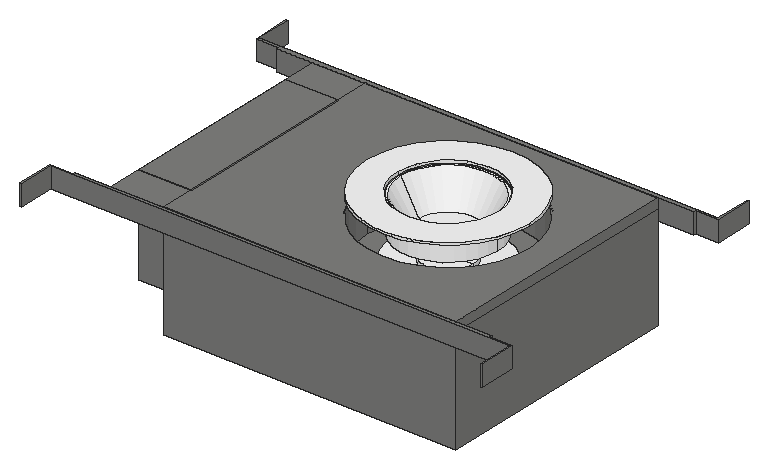
Revit family "Lighting_Fixture-Lutron-Recessed-Finire-Prime-Round", category Lighting Fixtures, host Face, Revit 2017
Family settings
  Host = Face
  Round Connector Dimension = Use Diameter
  Part Type = Normal
  OmniClass Number = 23.80.70.11.14
  OmniClass Title = General Luminaries, Directional
  Cut with Voids When Loaded = No
  Light Source = Yes
  Shared = No
  Room Calculation Point = No
Parameters (values of type "3000K_65 Degree")
  c Rotation Depth [instance] = if(Desired Tilt Angle = 25.00°, 3.50", 3.00")  # 3.00"
  Width [instance] = if(Insulated Housing, 9.50", 7.70")  # 7.70"
  Weight Net (Kg) = "2"
  Wattage Comments = "14"
  Wattage = 6.7321 W
  Warranty URL = "http://www.lutron.com/en-US/Service-Support/Pages/Service/Warranty/Warranty.aspx"
  built-in parameter 1150110 = 1 (stored number, unit not read)
  Voltage = 120 V  # constant formula
  Video Link = "https://www.youtube.com/user/LutronElectronicsInc"
  Version = "2017 - v1.0b"  # constant formula
  Uniformat II Description = ""
  Uniformat II Code = ""
  Uniclass 2015 Name = ""
  Uniclass 2015 Code = ""
  Uniclass 2.0 Description = "Luminaires And Lamps"
  Uniclass 2.0 Code = "PR-49"
  Uniclass 1.4 Description = "Electric power and lighting services products"
  Uniclass 1.4 Code = "L74"
  URL = "http://www.lutron.com/en-US/Pages/default.aspx"
  UNSPSC Code = "3911"
  Type Comments = ""
  built-in parameter 1114217 = 1 (stored number, unit not read)
  Tilt Angle = 0.00°  # constant formula
  built-in parameter 1150109 = 1 (stored number, unit not read)
  built-in parameter 1150134 = (empty or 0)
  built-in parameter 1150113 = 1 (stored number, unit not read)
  Support Phone = "(224) 699-9545"  # constant formula
  Support Email = "mailto: support@anguleris.com"
  Shape [instance] = "R - Round"  # constant formula
  Series = "Finiré Prime, Adjustable, Trimmed"  # constant formula
  Region South America = "None"
  Region Oceania = "None"
  Region North America = "CA, US"
  Region Middle East = "None"
  Region Europe = "None"
  Region Asia = "None"
  Region Antarctica = "None"
  Region Africa = "None"
  Product group = "Ivalo Collection"
  Product family = "General Luminaries, Directional"
  Product SKU = "lutron-finire-prime"
  Product Page URL = "http://www.lutron.com/en-US/Products/Pages/LightingFixtures/LutronFixtures/FinirePrime/Overview.aspx"
  Product Name = "Finiré Prime Round"
  Product Documentation Link = "http://www.lutron.com/TechnicalDocumentLibrary/367-2708_Finire_Prime_Spec.pdf"
  Power Factor = 1  # constant formula
  Photometric Web File = "Finire Prime RD 27K 65° - FPATR27X65MW.ies"
  Performance URL = "http://www.lutron.com/en-US/Service-Support/Pages/Technical/PerfomanceSpecs.aspx"
  Parameter Adjustment = "Editing parameter values for type properties is not recommended as you may choose options that are not available."  # constant formula
  OmniClass Description = "Lighting Fixtures"
  OmniClass Code = "23-35 47 11"
  Number of Poles = 1
  Number of Light Sources = 1  # constant formula
  Note [instance] = "25° Max Tilt"  # constant formula
  Non IC [instance] = not(Insulated Housing)  # yes
  Nominal width = 4.95"
  Nominal height = 3.00"
  NBS Reference Description = "Luminaires And Lamps"
  NBS Reference Code = "49"
  Model_Trim [instance] = if(Constraint = 1, "FPATR27X30MW", if(Constraint = 2, "FPATR27X65MW", if(Constraint = 3, "FPATR30X30MW", if(Constraint = 4, "FPATR30X65MW", "Not Available"))))  # "FPATR30X65MW"
  Model_Housing [instance] = if(and(Insulated Housing, [Control_2-Wire 120 V]), "FPHIXF1", if(and(Insulated Housing, [Control_Ecosystem 120-277V]), "FPHIXEU", if(and(not(Insulated Housing), [Control_2-Wire 120 V]), "FPHNXF1", if(and(not(Insulated Housing), [Control_Ecosystem 120-277V]), "FPHNXEU", "Select Electrical Control Below"))))  # "Select Electrical Control Below"
  Model = "See Housing and Trim Model Information"  # constant formula
  Material secondary = ""
  Material main = "Aluminium"
  Material = ""
  Masterformat 2014 Description = ""
  Masterformat 2014 Code = ""
  Manufacturer name = "Lutron Electronics"
  Manufacturer country = "Canada"
  Manufacturer Phone Number = "610-282-3800"  # constant formula
  Manufacturer Fax Number = "610-282-1243"  # constant formula
  Manufacturer Email = "mailto:support@lutron.com"
  Manufacturer Address = "7200 Suter Rd, Coopersburg, PA 18036"  # constant formula
  Manufacturer = "Lutron Electronics Co., Inc"  # constant formula
  built-in parameter 1150105 = 79.577 (stored number, unit not read)
  Lumens = 1000 lm
  built-in parameter 1150115 = 1 (stored number, unit not read)
  Load Classification = Lighting
  built-in parameter 1150137 = (empty or 0)
  built-in parameter 1150139 = (empty or 0)
  Length [instance] = if(Insulated Housing, 18.90", 10.50")  # 10.50"
  built-in parameter 1150112 = 1 (stored number, unit not read)
  built-in parameter 1150114 = 1 (stored number, unit not read)
  Lamp = "LED"  # constant formula
  LED = if(or(Constraint = 1, Constraint = 2), "2700K 14W 1000 lumens 90+ CRI", if(or(Constraint = 3, Constraint = 4), "3000K 14W 1000 lumens 90+ CRI", "Not Available"))  # "3000K 14W 1000 lumens 90+ CRI"
  Keynote = "26 51 00"  # constant formula
  Insulated Housing [instance] = no
  Instruction Sheet Link = "http://www.lutron.com/TechnicalDocumentLibrary/Finire_Prime_Installation_Guide.pdf"
  built-in parameter 1150132 = 2
  built-in parameter 1150102 = (empty or 0)
  built-in parameter 1150107 = 3000 (stored number, unit not read)
  built-in parameter 1150138 = (empty or 0)
  built-in parameter 1150106 = 0.79577 (stored number, unit not read)
  IFC Classification = "Light Fixture"
  IC Housing Height [instance] = if(Insulated Housing, 6.00", 3.50")  # 3.50"
  Housing Type [instance] = if(Insulated Housing, "IX - IC", "NX - Non-IC")  # "NX - Non-IC"
  Housing Family [instance] = "FHP - Finire Prime Housing"  # constant formula
  Height [instance] = IC Housing Height  # 3.50"
  Frame Finish = Steel - Lutron - 20 Gauge
  Frame Box Visibility [instance] = no
  Finish = Metal - Lutron - MW - Matte White
  Emergency Lighting [instance] = no
  built-in parameter 1150104 = 13.8 (stored number, unit not read)
  Edition number = 1
  Dimming Lamp Color Temperature Shift = <None>
  Desired Tilt Angle [instance] = 0.00°
  Design country = "United States"
  Description = "Finire Prime LED Round Recessed Downlight"  # constant formula
  Default Elevation = 25.00"
  Date of publishing = "3/1/2017"
  Cost Info = "mailto:sales@lutron.com"
  Cost = 0
  Copyright = "© 2019 Lutron Electronics Co., Inc."  # constant formula
  Control Type [instance] = if(and([Control_2-Wire 120 V], [Control_Ecosystem 120-277V]), "Please Select only one Control option", if([Control_2-Wire 120 V], "F1", if([Control_Ecosystem 120-277V], "EU", "Select Control Option")))  # "Select Control Option"
  Control Method [instance] = if([Control_2-Wire 120 V], "2-Wire 120 V", if([Control_Ecosystem 120-277V], "Ecosystem 120-277V", "Select Control Option"))  # "Select Control Option"
  Control_2-Wire 120 V [instance] = no
  Control_Ecosystem 120-277V [instance] = no
  Constraint = 4
  Connector Description = "Power Connection"  # constant formula
  Color Filter = 16777215
  built-in parameter 1114216 [instance] = (empty or 0)
  Center of Light [instance] = if(Insulated Housing, 6.50", 3.30")  # 3.30"
  IC Housing Length [instance] = if(Insulated Housing, 18.90" - 1.60", 10.50" - 1.60")  # 8.90"
  built-in parameter 1140040 [instance] = (empty or 0)
  COBIe Type Category = ""
  C Angle [instance] = if(Desired Tilt Angle < -25.00°, Desired Tilt Angle - 90.00°, if(Desired Tilt Angle > 25.00°, 25.00° - 90.00°, Desired Tilt Angle - 90.00°))  # -90.00°
  BIMobject category = "Ceiling Mounted"
  Actual Angle [instance] = if(Desired Tilt Angle < -25.00°, -25.00°, if(Desired Tilt Angle > 25.00°, 25.00°, Desired Tilt Angle))  # 0.00°
  Beam Spread = if(or(Constraint = 1, Constraint = 3), 30.00°, if(or(Constraint = 2, Constraint = 4), 65.00°, 30.00°))  # 65.00°
  built-in parameter 1114218 = 1 (stored number, unit not read)
  built-in parameter 1150133 = 10 (stored number, unit not read)
  Assembly Code = "D5020200"
  Apparent Load = 14 W  # constant formula
Types (4): name | Photometric Web File | Model_Trim | LED | built-in parameter 1150107 | Constraint | Beam Spread
  2700K_30 Degree | "Finire Prime RD 27K 30° - FPATR27X30MW.ies" | "FPATR27X30MW" | "2700K 14W 1000 lumens 90+ CRI" | 2700 (stored number, unit not read) | 1 | 30.00°
  2700K_65 Degree | "Finire Prime RD 27K 65° - FPATR27X65MW.ies" | "FPATR27X65MW" | "2700K 14W 1000 lumens 90+ CRI" | 2700 (stored number, unit not read) | 2 | 65.00°
  3000K_30 Degree | "Finire Prime RD 27K 30° - FPATR27X30MW.ies" | "FPATR30X30MW" | "3000K 14W 1000 lumens 90+ CRI" | 3000 (stored number, unit not read) | 3 | 30.00°
  3000K_65 Degree | "Finire Prime RD 27K 65° - FPATR27X65MW.ies" | "FPATR30X65MW" | "3000K 14W 1000 lumens 90+ CRI" | 3000 (stored number, unit not read) | 4 | 65.00°
Reference planes (in)
  plane 1 "Center (Front/Back)": y = 0
  plane 2: z = 0
  plane 3 "Center (Left/Right)": x = 0
  plane 4: x = -7.2
  plane 5: y = 3.85
  plane 6: y = -3.85
  plane 7: x = 3.3
  plane 8 "Top": z = -4.125
  plane 9 "Top of Junction Box": z = -3
  plane 10: x = -1.95
  plane 11: x = 8.475
  plane 12 "Internal Box Length": x = -5.6
  plane 13: y = 3.85
  plane 14: y = -3.85
  plane 15 "Electrical Connector": x = -7.2
  plane 16 "Ceiling": z = -0.625
  plane 17 "Light Source": z = -0.91795
  plane 18: z = 0.375
  plane 19 "Emergency": z = 1.375
Forms (in)
  Extrusion 1, solid, material "Steel - Lutron - 20 Gauge" <- "Frame Finish"
    sketch origin (0, 0, 0) x (1, 0, 0) y (0, 1, 0)
      loop
        line (-5.6, -2.8) -> (-5.6, 2.8) -> (-7.2, 2.8) -> (-7.2, -2.8) -> (-5.6, -2.8)
    from -3.625 to -0.625
  Extrusion 2, void
    sketch origin (0, 0, 0) x (1, 0, 0) y (0, 1, 0)
      loop
        line (-5.475, 3.725) -> (-5.475, -3.725) -> (3.175, -3.725) -> (3.175, 3.725) -> (-5.475, 3.725)
    from -4 to -0.75
  Extrusion 3, solid, material "Steel - Lutron - 20 Gauge" <- "Frame Finish"
    sketch origin (0, 0, 0) x (1, 0, 0) y (0, 1, 0)
      loop
        line (-5.6, 3.85) -> (-5.6, -3.85) -> (3.3, -3.85) -> (3.3, 3.85) -> (-5.6, 3.85)
    from -0.625 to -4.125
  Blend 4, void
    base sketch origin (0, 0, 0) x (1, 0, 0) y (0, 1, 0)
      loop
        circle (0, 0) r 1.1125
    top sketch origin (0, 0, 0) x (1, 0, 0) y (0, 1, 0)
      loop
        circle (0, 0) r 1.7625
    from -1.25 to 0
  Extrusion 5, solid, material "Metal - Lutron - MW - Matte White" <- "Finish"
    sketch origin (0, 0, 0) x (1, 0, 0) y (0, 1, 0)
      loop
        circle (0, 0) r 2.475
      loop
        circle (0, 0) r 1.55
    from 0 to 0.07
  Extrusion 6, solid, material "Steel - Lutron - 20 Gauge" <- "Frame Finish", visible <- "Insulated Housing"
    sketch origin (-2.92384, 0, 0) x (1, 0, 0) y (0, 1, 0)
      loop
        line (-5.49559, 5.4454) -> (-5.49559, 5.40179) -> (-4.4, 5.40179) -> (-4.4, -5.40179) -> (-5.49559, -5.40179) -> (-5.49559, -5.4454) -> (-4.35497, -5.4454) -> (-4.35497, -4.75) -> (-4.27616, -4.75) -> (-4.27616, 4.75) -> (-4.35497, 4.75) -> (-4.35497, 5.4454) -> (-5.49559, 5.4454)
    from -1.25 to -0.625
  Extrusion 7, solid, material "Steel - Lutron - 20 Gauge" <- "Frame Finish", visible <- "Insulated Housing"
    sketch origin (-2.97616, 0, 0) x (-1, 0, 0) y (0, -1, 0)
      loop
        line (-7.49559, -5.4454) -> (-6.35497, -5.4454) -> (-6.35497, -4.75) -> (-6.27616, -4.75) -> (-6.27616, 4.75) -> (-6.35497, 4.75) -> (-6.35497, 5.4454) -> (-7.49559, 5.4454) -> (-7.49559, 5.40179) -> (-6.4, 5.40179) -> (-6.4, -5.40179) -> (-7.49559, -5.40179) -> (-7.49559, -5.4454)
    from -1.25 to -0.625
  Extrusion 8, solid, material "Steel - Lutron - 20 Gauge" <- "Frame Finish"
    sketch origin (0, 0, 0) x (1, 0, 0) y (0, 1, 0)
      loop
        line (-7.2, 3.85) -> (-7.2, -3.85) -> (3.3, -3.85) -> (3.3, 3.85) -> (-7.2, 3.85)
      loop
        circle (0, 0) r 2.5
    from -0.625 to -0.91795
  Extrusion 9, void
    sketch origin (0, 0, 0) x (1, 0, 0) y (0, 1, 0)
      loop
        circle (0, 0) r 1.7625
    from 0 to -1.04887
  Extrusion 10, solid, material "Steel - Lutron - 20 Gauge" <- "Frame Finish", visible <- "Non IC"
    sketch origin (-2.1454, -3.90441, 0) x (0, 1, 0) y (-1, 0, 0)
      loop
        line (-1.16503, -7.24079) -> (-0.0244, -7.24079) -> (-0.0244, -6.5454) -> (0.05441, -6.5454) -> (0.05441, 6.1546) -> (-0.0244, 6.1546) -> (-0.0244, 6.85) -> (-1.16503, 6.85) -> (-1.16503, 6.80639) -> (-0.06943, 6.80639) -> (-0.06943, -7.19719) -> (-1.16503, -7.19719) -> (-1.16503, -7.24079)
    from -1.25 to -0.625
  Extrusion 11, solid, material "Steel - Lutron - 20 Gauge" <- "Frame Finish", visible <- "Non IC"
    sketch origin (-2.1454, 3.90441, 0) x (0, -1, 0) y (1, 0, 0)
      loop
        line (-1.16503, 7.24079) -> (-1.16503, 7.19719) -> (-0.06943, 7.19719) -> (-0.06943, -6.80639) -> (-1.16503, -6.80639) -> (-1.16503, -6.85) -> (-0.0244, -6.85) -> (-0.0244, -6.1546) -> (0.05441, -6.1546) -> (0.05441, 6.5454) -> (-0.0244, 6.5454) -> (-0.0244, 7.24079) -> (-1.16503, 7.24079)
    from -1.25 to -0.625
  Revolve 12, solid, material "Metal - Lutron - MW - Matte White" <- "Finish"
    sketch origin (0, 0, 9.32623) x (0, 0, -1) y (1, 0, 0)
      loop
        line (9.3399, -1.5) -> (10.34633, -1.5) -> (10.34633, -1.10548) -> (10.50786, -1.10548) -> (10.50786, -0.69341) -> (10.96758, -0.37151) -> (10.96758, -0.76069) -> (11.12135, -0.76069) -> (11.12135, -1.70869) -> (12.32623, -1.70869) -> (12.32623, 0) -> (9.3399, 0) -> (9.3399, -1.5)
      axis (12.32623, 0) -> (9.3399, 0)
    angle from 0 to 360
  Revolve 13, void
    sketch origin (0, 0, 9.32623) x (0, 0, -1) y (1, 0, 0)
      loop
        line (8.95123, -1.66243) -> (10.3126, -0.90781) -> (10.3126, 0) -> (8.95123, 0) -> (8.95123, -1.66243)
      axis (8.95123, 0) -> (10.3126, 0)
    angle from 0 to 360
  Extrusion 14, void
    sketch origin (0, 0, 0) x (1, 0, 0) y (0, 1, 0)
      loop
        circle (0, 0) r 2.475
    from -1.95336 to 5
Cuts and joins
  Extrusion 14 cuts Extrusion 3
  Revolve 13 cuts Revolve 12
Lines and regions (in)
  Masking region 1
    outline origin (-8.9748, -180, 0.375) x (-1, 0, 0) y (0, -1, 0)
      loop
        circle (-8.9748, -180) r 1.55
      loop
        circle (-8.9748, -180) r 2.475
  symbolic lines, detail levels medium+fine
    curve 1: circle (0, 0, 0) r 0.9 normal (0, 0, 1)
  symbolic lines, style "LightingFixturesHiddenLines", visible <- "Frame Box Visibility"
    curve 2: line (-7.2, 3.85, 0) -> (3.3, 3.85, 0)
    curve 3: line (-7.2, -3.85, 0) -> (-7.2, 3.85, 0)
    curve 4: line (3.3, -3.85, 0) -> (-7.2, -3.85, 0)
    curve 5: line (3.3, 3.85, 0) -> (3.3, -3.85, 0)
  symbolic lines, detail levels fine
    curve 6: circle (0, 0, 0) r 1.63792 normal (0, 0, 1)
  reference lines
    curve 7: line (0, 0, 9.32623) -> (0, 0, -0.91795)
    curve 8: line (10.45862, 0, -0.91795) -> (-0.29138, 0, -0.91795)
Dimensions and locks (in)
  equal spacing: plane 5, plane 1 "Center (Front/Back)", plane 6
  "Width": plane 5 to plane 6
  "Length": plane 4 to plane 7
  plane 1 "Center (Front/Back)" to connector elem = 0.0242"
  "Center of Light": plane 3 "Center (Left/Right)" to plane 7
  level to plane 16 "Ceiling" = 0.625"
  Extrusion 1 sketch curve to plane 1 "Center (Front/Back)" to Extrusion 1 sketch curve = 2.80" locked, 2.80" locked
  "Height": plane 16 "Ceiling" to plane 8 "Top"
  "IC Housing Length": plane 12 "Internal Box Length" to plane 7
  locked: Extrusion 1 sketch curve to plane 12 "Internal Box Length" at 1.6
  locked: plane 12 "Internal Box Length" to Extrusion 2 sketch curve at 0.125
  locked: Extrusion 2 sketch curve to plane 7 at 0.125
  locked: plane 5 to Extrusion 2 sketch curve at 0.125
  locked: plane 6 to Extrusion 2 sketch curve at 0.125
  locked: Extrusion 2 to plane 8 "Top" at 0.125
  locked: Extrusion 2 to plane 7 at 0.125
  locked: Extrusion 2 to plane 12 "Internal Box Length" at 0.125
  equal spacing: plane 13, plane 1 "Center (Front/Back)", plane 14
  "Width": plane 13 to plane 14
  locked: plane 15 "Electrical Connector" to plane 12 "Internal Box Length" at 1.6
  locked: plane 18 to plane 17 "Light Source" at 1.29295
  imposter light to plane 7 to Extrusion 7 sketch curve to Extrusion 7 sketch curve to Extrusion 7 sketch curve to Extrusion 7 sketch curve to Extrusion 7 sketch curve to Extrusion 7 sketch curve = 3.30781" locked, 0.00" locked, 0.07881" locked, 0.00" locked, 0.04503" locked, 1.09559" locked, 0.00" locked
  Extrusion 6 sketch curve to Extrusion 6 sketch curve to Extrusion 6 sketch curve to Extrusion 6 sketch curve to Extrusion 6 sketch curve to plane 4 = 0.00" locked, 1.09559" locked, 0.04503" locked, 0.00" locked, 0.07881" locked
  Extrusion 6 sketch curve to Extrusion 6 sketch curve to Extrusion 6 sketch curve to plane 1 "Center (Front/Back)" to Extrusion 6 sketch curve to Extrusion 6 sketch curve to Extrusion 6 sketch curve = 0.04361" locked, 0.65179" locked, 4.75" locked, 4.75" locked, 0.65179" locked, 0.04361" locked
  Extrusion 7 sketch curve to Extrusion 7 sketch curve to Extrusion 7 sketch curve to plane 1 "Center (Front/Back)" to Extrusion 7 sketch curve to Extrusion 7 sketch curve to Extrusion 7 sketch curve = 0.04361" locked, 0.65179" locked, 4.75" locked, 4.75" locked, 0.65179" locked, 0.04361" locked
  Extrusion 5 sketch curve to imposter light = 2.46719"
  locked: plane 1 "Center (Front/Back)" to Blend 4 sketch curve at 1.7625
  locked: Blend 4 sketch curve to plane 3 "Center (Left/Right)" at 1.7625
  locked: plane 1 "Center (Front/Back)" to Extrusion 9 sketch curve at 1.7625
  locked: plane 3 "Center (Left/Right)" to Extrusion 9 sketch curve at 1.7625
  locked: plane 1 "Center (Front/Back)" to Extrusion 5 sketch curve at 0  (x2)
  locked: plane 3 "Center (Left/Right)" to Extrusion 5 sketch curve at 0  (x2)
  locked: plane 19 "Emergency" to plane 18 at 1
  Extrusion 10 sketch curve to plane 14 to Extrusion 10 sketch curve to Extrusion 10 sketch curve to Extrusion 10 sketch curve to Extrusion 10 sketch curve to Extrusion 10 sketch curve = 0.00" locked, 0.07881" locked, 0.00" locked, 0.04503" locked, 1.09559" locked, 0.00" locked
  Extrusion 10 sketch curve to Extrusion 10 sketch curve to Extrusion 10 sketch curve to plane 10 to Extrusion 10 sketch curve to Extrusion 10 sketch curve to Extrusion 10 sketch curve = 0.04361" locked, 0.65179" locked, 6.35" locked, 6.35" locked, 0.65179" locked, 0.04361" locked
  equal spacing: plane 15 "Electrical Connector", plane 10, plane 7
  Extrusion 11 sketch curve to plane 13 to Extrusion 11 sketch curve to Extrusion 11 sketch curve to Extrusion 11 sketch curve to Extrusion 11 sketch curve to Extrusion 11 sketch curve = 0.00" locked, 0.07881" locked, 0.00" locked, 0.04503" locked, 1.09559" locked, 0.00" locked
  Extrusion 11 sketch curve to Extrusion 11 sketch curve to Extrusion 11 sketch curve to plane 10 to Extrusion 11 sketch curve to Extrusion 11 sketch curve to Extrusion 11 sketch curve = 0.04361" locked, 0.65179" locked, 6.35" locked, 6.35" locked, 0.65179" locked, 0.04361" locked
  Revolve 12 sketch curve to Revolve 12 sketch curve to Revolve 12 sketch curve to Revolve 12 sketch curve to curve 7 = 0.60321" locked, 0.34479" locked, 0.76069" locked, 0.00" locked
  Revolve 12 sketch curve to curve 8 to Revolve 12 sketch curve to Revolve 12 sketch curve to Revolve 12 sketch curve to Revolve 12 sketch curve to Revolve 12 sketch curve = 0.90428" locked, 0.10215" locked, 0.16153" locked, 0.45972" locked, 0.15377" locked, 1.20488" locked
  plane 7 to Extrusion 7 = 1.21943"
  "c Rotation Depth": level to plane 9 "Top of Junction Box"
  Extrusion 14 sketch curve to plane 3 "Center (Left/Right)" to Extrusion 14 sketch curve = 2.475" locked, 2.475" locked
  Extrusion 14 sketch curve to plane 1 "Center (Front/Back)" to Extrusion 14 sketch curve = 2.475" locked, 2.475" locked
  locked: plane 16 "Ceiling" to Extrusion 6 at 0.625
  diameter of Masking region 1 sketch curve = 3.10"
  radius of Extrusion 5 sketch curve = 1.55"
  "Actual Angle": angle plane 3 "Center (Left/Right)" to curve 7
  locked: curve 8 to curve 7 (angle 90.00°)
  aligned and locked: plane 2 to host face
  aligned and locked: level to host face
  aligned and locked: plane 16 "Ceiling" to Extrusion 1
  aligned and locked: plane 12 "Internal Box Length" to Extrusion 3 sketch curve
  aligned and locked: plane 7 to Extrusion 3 sketch curve
  aligned and locked: Extrusion 3 sketch curve to plane 5
  aligned and locked: Extrusion 3 sketch curve to plane 6
  aligned and locked: Extrusion 3 to plane 8 "Top"
  aligned and locked: Extrusion 3 to Extrusion 1
  aligned and locked: plane 12 "Internal Box Length" to Extrusion 1 sketch curve
  aligned and locked: Extrusion 8 to Extrusion 1
  aligned and locked: plane 7 to curve 5
  aligned and locked: curve 2 to plane 13
  aligned and locked: plane 14 to curve 4
  aligned and locked: Extrusion 6 sketch curve to plane 4
  aligned and locked: Extrusion 8 sketch curve to plane 13
  aligned and locked: plane 14 to Extrusion 8 sketch curve
  aligned and locked: plane 4 to Extrusion 8 sketch curve
  aligned and locked: plane 7 to Extrusion 8 sketch curve
  aligned and locked: plane 16 "Ceiling" to Extrusion 7
  aligned and locked: plane 16 "Ceiling" to Extrusion 6
  aligned and locked: Revolve 12 sketch curve to curve 7
  aligned and locked: Extrusion 6 to Extrusion 7
  aligned and locked: Extrusion 10 to Extrusion 6
  aligned and locked: plane 16 "Ceiling" to Extrusion 10
  aligned and locked: Extrusion 11 to Extrusion 6
  aligned and locked: plane 16 "Ceiling" to Extrusion 11
Automatic sketch dimensions
  host sketch curve to host sketch curve = 30.1153"
  host sketch curve to host sketch curve = 32.07936"
  plane 1 "Center (Front/Back)" to Blend 4 sketch curve = 0.00"
  Blend 4 sketch curve to plane 3 "Center (Left/Right)" = 0.00"  (x2)
  Extrusion 9 sketch curve to plane 3 "Center (Left/Right)" = 0.00"
  plane 1 "Center (Front/Back)" to Extrusion 8 sketch curve = 0.00"
  Extrusion 8 sketch curve to plane 3 "Center (Left/Right)" = 0.00"
  Masking region 1 sketch curve to Masking region 1 sketch curve = 0.00"  (x2)
  plane 1 "Center (Front/Back)" to Masking region 1 sketch curve = 0.00"
  Masking region 1 sketch curve to plane 3 "Center (Left/Right)" = 0.00"
  curve 1 to curve 6 = 0.00"  (x2)
  curve 2 to plane 4 = 0.00"
  plane 1 "Center (Front/Back)" to curve 1 = 0.00"
  curve 1 to plane 3 "Center (Left/Right)" = 0.00"
  curve 7 to Revolve 13 sketch curve = 0.00"  (x2)
  Revolve 13 sketch curve to curve 7 = 1.29295"
  curve 7 to Revolve 13 sketch curve = 0.06842"
  Revolve 13 sketch curve to curve 7 = 0.90781"
  Revolve 13 sketch curve to Revolve 13 sketch curve = 2.31445"
  Revolve 13 sketch curve to Revolve 13 sketch curve = 2.01363"
  Revolve 13 sketch curve to curve 7 = 1.66243"
  Revolve 12 sketch curve to curve 7 = 1.50"
  Revolve 12 sketch curve to curve 7 = 0.69341"
  curve 7 to Revolve 12 sketch curve = 0.37151"
  Revolve 12 sketch curve to curve 7 = 0.00582"
  Revolve 12 sketch curve to Revolve 12 sketch curve = 2.34572"
  curve 8 to plane 17 "Light Source" = 0.00"
  curve 7 to plane 3 "Center (Left/Right)" = 0.00"
  curve 8 to curve 7 = 0.29138"
  radius of Blend 4 sketch curve = 1.1125"
  radius of Extrusion 8 sketch curve = 2.50"
  radius of Masking region 1 sketch curve = 2.475"
  radius of curve 1 = 0.90"
  radius of curve 6 = 1.63792"
  radius of Extrusion 5 sketch curve = 2.475"
Nested families (in)
  nested 1: "Emergency Lighting Detail" at (0, 0, 1.375), visible <- "Emergency Lighting", type "Emergency Lighting Detail"
Connectors (in)
  electrical at (-7.2, 0.0242, -2.32), driven by "Number of Poles", driven by "Load Classification", driven by "Voltage", driven by "Apparent Load", driven by "Power Factor", driven by "Connector Description"
    settings: on plane 15 "Electrical Connector", index 1, voltage 120 V, apparent load 14 W, apparent load phase1 0 W, apparent load phase2 0 W, apparent load phase3 0 W, power factor 1, load classification "Lighting", number of poles 1, system type 30, power factor state 1, is connector primary yes, connector utility no, sub classification motor no, connector description "Power Connection"
Definition of nested family "Emergency Lighting Detail"
  Parameters
    Width = 6.00"
    Square Emergency = no
    Round Emergency = yes
    Rectangle Emergency = no
    Radius = Diameter / 2  # 1.08"
    Length = 12.00"
    Diameter = 2.16"
  Reference planes (in)
    plane 1 "Center (Front/Back)": y = 0
    plane 2: z = 0
    plane 3 "Center (Left/Right)": x = 0
    plane 4: through (-11.22545, -11.22545, 48) normal (-0.7071, 0.7071, 0)
  Lines and regions (in)
    Filled region 1, type "Solid Fill - Black", in view "Ref. Level", visible <- "Round Emergency"
      outline origin (0, 0, 0) x (1, 0, 0) y (0, 1, 0)
        loop
          arc (-0.76368, -0.76368) -> (0.76368, -0.76368) -> (0.76368, 0.76368) r 1.08
          line (0.76368, 0.76368) -> (-0.76368, -0.76368)
    Filled region 2, type "Solid Fill - Black", in view "Ref. Level", visible <- "Square Emergency"
      outline origin (0, 0, 0) x (1, 0, 0) y (0, 1, 0)
        loop
          line (1.08, -1.08) -> (1.08, 1.08) -> (-1.08, -1.08) -> (1.08, -1.08)
    Filled region 3, type "Solid Fill - Black", in view "Ref. Level", visible <- "Rectangle Emergency"
      outline origin (0, 0, 0) x (1, 0, 0) y (0, 1, 0)
        loop
          line (-6, -3) -> (6, -3) -> (6, 3) -> (-6, -3)
  Dimensions and locks (in)
    locked: plane 4 to plane 3 "Center (Left/Right)" at 0
    equal spacing: Filled region 2 sketch curve, plane 1 "Center (Front/Back)", Filled region 2 sketch curve
    "Diameter": Filled region 2 sketch curve to Filled region 2 sketch curve  (x2)
    equal spacing: Filled region 2 sketch curve, plane 3 "Center (Left/Right)", Filled region 2 sketch curve
    equal spacing: Filled region 3 sketch curve, plane 1 "Center (Front/Back)", Filled region 3 sketch curve
    "Width": Filled region 3 sketch curve to Filled region 3 sketch curve
    equal spacing: Filled region 3 sketch curve, plane 3 "Center (Left/Right)", Filled region 3 sketch curve
    "Length": Filled region 3 sketch curve to Filled region 3 sketch curve
    "Radius": radius of Filled region 1 sketch curve
    locked: plane 1 "Center (Front/Back)" to plane 4 (angle 45.00°)
    aligned and locked: Filled region 1 sketch curve to plane 4
    aligned and locked: plane 1 "Center (Front/Back)" to Filled region 1 sketch curve
    aligned and locked: plane 3 "Center (Left/Right)" to Filled region 1 sketch curve
  Automatic sketch dimensions
    Filled region 2 sketch curve to plane 4 = 0.00"
